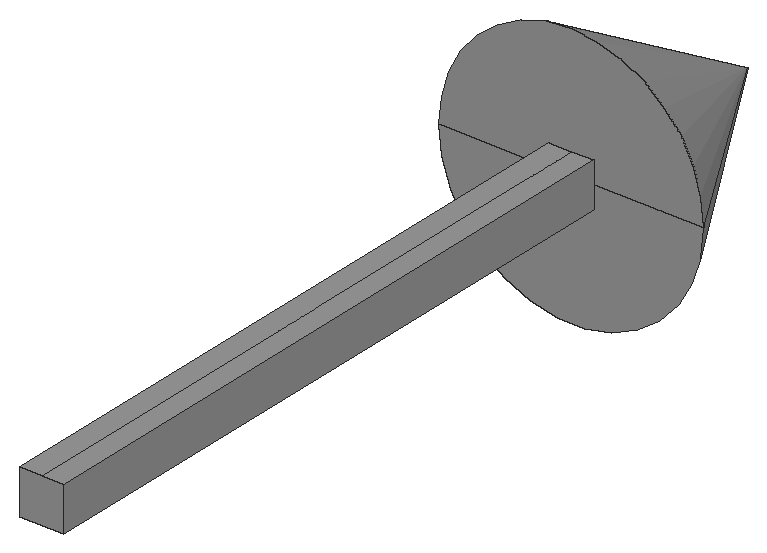
Revit family "Y axis", category Generic Models, Revit 2025
Family settings
  Can host rebar = No
  Round Connector Dimension = Use Diameter
  Part Type = Normal
  Work Plane-Based = No
  Always vertical = No
  Cut with Voids When Loaded = No
  Maintain Annotation Orientation = No
  Shared = No
  Room Calculation Point = No
Parameters
  Default Elevation = 0 mm
  CylinderRadius [instance] = Arrowlength / 30  # 50 mm
  Arrowtip [instance] = Arrowlength / 3  # 500 mm
  Arrowradius [instance] = Arrowlength / 5  # 300 mm
  Arrowlength [instance] = 1500 mm
Reference planes
  plane 1 "Centro (Fronte/Retro)": x = 0
  plane 2: z = 0
  plane 3 "ArrowBase": y = 0
  plane 4 "ArrowTip": y = 1500
  plane 5: y = 1500
  plane 6 "Cone": y = 2000
  plane 7 "Tip radius": x = -300
Forms (mm)
  Extrusion 1, solid, material "Y axis"
    sketch origin (0, 0, 0) x (-1, 0, 0) y (0, 0, 1)
      loop
        line (0, 50) -> (-50, 50) -> (-50, -50) -> (50, -50) -> (50, 50) -> (0, 50)
    from 0 to 1500
  Revolve 2, solid, material "Y axis"
    sketch origin (0, 0, 0) x (0, 1, 0) y (-1, 0, 0)
      loop
        line (1500, 0) -> (2000, 0) -> (1500, 300) -> (1500, 0)
      axis (2000, 0) -> (1500, 0)
    angle from 0 to 360
Cuts and joins
  joined: Extrusion 1, Revolve 2
Dimensions and locks
  "Arrowtip": plane 4 "ArrowTip" to plane 6 "Cone"
  "Arrowlength": plane 3 "ArrowBase" to plane 4 "ArrowTip"
  "Arrowradius": plane 1 "Centro (Fronte/Retro)" to plane 7 "Tip radius"
  "CylinderRadius": cut or joined group of Extrusion 1, Revolve 2 to level
  "CylinderRadius": cut or joined group of Extrusion 1, Revolve 2 to plane 1 "Centro (Fronte/Retro)"  (x2)
  "CylinderRadius": level to cut or joined group of Extrusion 1, Revolve 2
  aligned and locked: level to plane 2
  aligned and locked: plane 4 "ArrowTip" to Extrusion 1
Automatic sketch dimensions
  Revolve 2 sketch curve to plane 1 "Centro (Fronte/Retro)" = 0 mm  (x2)
  Revolve 2 sketch curve to plane 3 "ArrowBase" = 0 mm
  plane 4 "ArrowTip" to Revolve 2 sketch curve = 0 mm  (x2)
  plane 6 "Cone" to Revolve 2 sketch curve = 0 mm
  Revolve 2 sketch curve to plane 7 "Tip radius" = 0 mm
  Extrusion 1 sketch curve to plane 1 "Centro (Fronte/Retro)" = 0 mm
  plane 1 "Centro (Fronte/Retro)" to Extrusion 1 sketch curve = 50 mm
  Extrusion 1 sketch curve to plane 1 "Centro (Fronte/Retro)" = 50 mm
  Extrusion 1 sketch curve to level = 50 mm
  level to Extrusion 1 sketch curve = 50 mm
